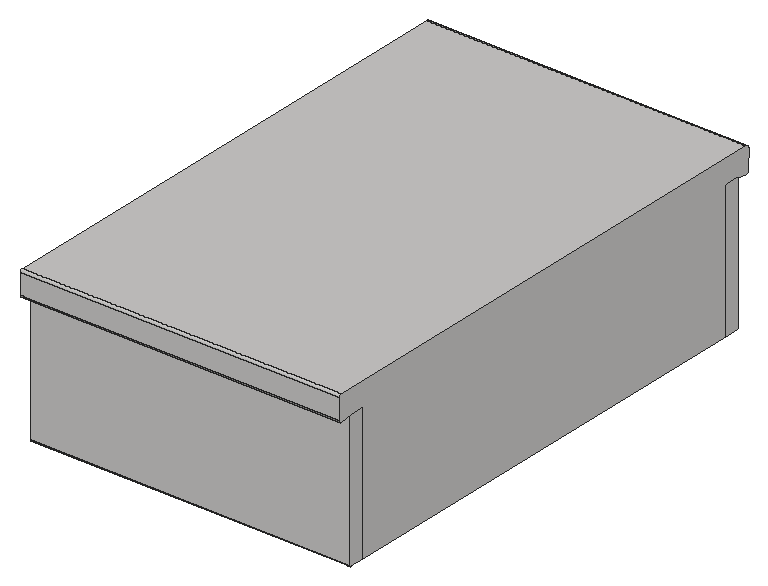
Revit family "QF_ELECTROLUXPROFESSIONAL_588110_MANABAEOOO", category Specialty Equipment, Revit 2018
Family settings
  Round Connector Dimension = Use Diameter
  Part Type = Normal
  Work Plane-Based = No
  Always vertical = Yes
  Cut with Voids When Loaded = No
  Shared = No
  Room Calculation Point = No
Parameters
  Weight in Pounds = 28.66
  URL Cutsheet = "www.electrolux.com/professional"
  URL = "www.electrolux.com/professional"
  Type Mark [instance] = ""
  Status [instance] = ""
  Specification by User [instance] = ""
  Specification by Manufacturer = ""
  Serial Number = ""
  Seismic Rating = ""
  SMACNA No = ""
  Revision Code [instance] = ""
  Omniclass Number and Title = ""
  NAFEM Spec ID Number = ""
  Model = "588110"
  Masterspec = ""
  Manufacturer = "ELECTROLUX"
  Item Number [instance] = ""
  Installed By [instance] = ""
  Identify Quantity as Lot [instance] = yes
  Furnished By [instance] = ""
  Foodservice Equipment Identifier [instance] = yes
  Direct Waste Size = 0"
  Description = "CLOSED WORK TOP,1-SIDE,500X800X250H"
  CSI MasterFormat = ""
  CSI Master Format = ""
Reference planes
  plane 1 "BACK": y = 0
  plane 2: z = 0
  plane 3 "LEFT": x = 0
  plane 4 "RIGHT": x = 500
  plane 5 "FRONT": y = -800
  plane 6 "TOP": z = 250
  plane 7 "Center Y": x = 250
  plane 8 "Center X": y = -400
Forms (mm)
  Extrusion 1, solid, material "QF_Finishes_Stainless Steel"
    sketch origin (0, 50.048, 0) x (0, 1, 0) y (0, 0, 1)
      loop
        line (-95.048, 213) -> (-71.412, 213) -> (-54.743, 210.061)
        arc (-54.743, 210.061) -> (-51.477, 210.936) -> (-50.048, 214) r 4
        line (-50.048, 214) -> (-50.048, 246)
        arc (-50.048, 246) -> (-51.22, 248.828) -> (-54.048, 250) r 4
        line (-54.048, 250) -> (-846.048, 250)
        arc (-846.048, 250) -> (-848.877, 248.828) -> (-850.048, 246) r 4
        line (-850.048, 246) -> (-850.048, 214)
        arc (-850.048, 214) -> (-848.619, 210.936) -> (-845.353, 210.061) r 4
        line (-845.353, 210.061) -> (-828.509, 213) -> (-805.048, 213) -> (-805.048, 0) -> (-95.048, 0) -> (-95.048, 213)
    from 0 to 500
  Extrusion 2, solid, material "QF_Finishes_Stainless Steel"
    sketch origin (0, 50.048, 0) x (0, 1, 0) y (0, 0, 1)
      loop
        arc (-828.048, 213) -> (-829.462, 212.414) -> (-830.048, 211) r 2
        line (-830.048, 211) -> (-830.048, 2)
        arc (-830.048, 2) -> (-829.462, 0.586) -> (-828.048, 0) r 2
        line (-828.048, 0) -> (-805.048, 0) -> (-805.048, 213) -> (-828.048, 213)
      loop
        line (-72.048, 213) -> (-95.048, 213) -> (-95.048, 0) -> (-72.048, 0)
        arc (-72.048, 0) -> (-70.634, 0.586) -> (-70.048, 2) r 2
        line (-70.048, 2) -> (-70.048, 211)
        arc (-70.048, 211) -> (-70.634, 212.414) -> (-72.048, 213) r 2
    from 0 to 500
Lines and regions (mm)
  symbolic lines
    curve 1: line (0, 0, 0) -> (500, 0, 0)
    curve 2: line (0, -800, 0) -> (0, 0, 0)
    curve 3: line (500, -800, 0) -> (0, -800, 0)
    curve 4: line (500, 0, 0) -> (500, -800, 0)
Dimensions and locks
  equal spacing: plane 3 "LEFT", plane 7 "Center Y", plane 4 "RIGHT"
  plane 3 "LEFT" to plane 4 "RIGHT" = 500.00 mm
  equal spacing: plane 5 "FRONT", plane 8 "Center X", plane 1 "BACK"
  plane 5 "FRONT" to plane 1 "BACK" = 800.00 mm
  plane 6 "TOP" to level = 250.00 mm
  aligned and locked: level to plane 2
  aligned and locked: Extrusion 1 to plane 4 "RIGHT"
  aligned and locked: Extrusion 2 to plane 4 "RIGHT"
Automatic sketch dimensions
  Extrusion 1 sketch curve to plane 6 "TOP" = 0.00 mm
  Extrusion 1 sketch curve to level = 0.00 mm
  Extrusion 1 sketch curve to plane 6 "TOP" = 36.00 mm
  plane 5 "FRONT" to Extrusion 1 sketch curve = 0.00 mm
  Extrusion 1 sketch curve to plane 6 "TOP" = 39.939 mm
  Extrusion 1 sketch curve to Extrusion 1 sketch curve = 4.00 mm
  Extrusion 1 sketch curve to Extrusion 1 sketch curve = 4.695 mm  (x2)
  Extrusion 1 sketch curve to Extrusion 1 sketch curve = 16.844 mm
  Extrusion 1 sketch curve to plane 5 "FRONT" = 45.00 mm
  plane 1 "BACK" to Extrusion 1 sketch curve = 45.00 mm
  Extrusion 1 sketch curve to Extrusion 1 sketch curve = 23.636 mm
  Extrusion 1 sketch curve to Extrusion 1 sketch curve = 17.364 mm
  Extrusion 1 sketch curve to Extrusion 1 sketch curve = 21.364 mm
  Extrusion 1 sketch curve to Extrusion 1 sketch curve = 0.00 mm  (x2)
  Extrusion 1 sketch curve to Extrusion 1 sketch curve = 0.695 mm
  Extrusion 1 sketch curve to plane 6 "TOP" = 37.00 mm  (x2)
  Extrusion 1 sketch curve to Extrusion 1 sketch curve = 1.00 mm
  Extrusion 2 sketch curve to level = 0.00 mm  (x2)
  level to Extrusion 2 sketch curve = 2.00 mm  (x2)
  Extrusion 2 sketch curve to plane 5 "FRONT" = 20.00 mm
  Extrusion 2 sketch curve to Extrusion 2 sketch curve = 2.00 mm
  Extrusion 2 sketch curve to Extrusion 2 sketch curve = 23.00 mm
  plane 1 "BACK" to Extrusion 2 sketch curve = 45.00 mm
  plane 1 "BACK" to Extrusion 2 sketch curve = 22.00 mm  (x2)
  Extrusion 2 sketch curve to plane 6 "TOP" = 39.00 mm  (x2)
  curve 3 to plane 3 "LEFT" = 0.00 mm
  curve 3 to plane 4 "RIGHT" = 0.00 mm
  plane 1 "BACK" to curve 2 = 0.00 mm
  curve 4 to plane 5 "FRONT" = 0.00 mm
